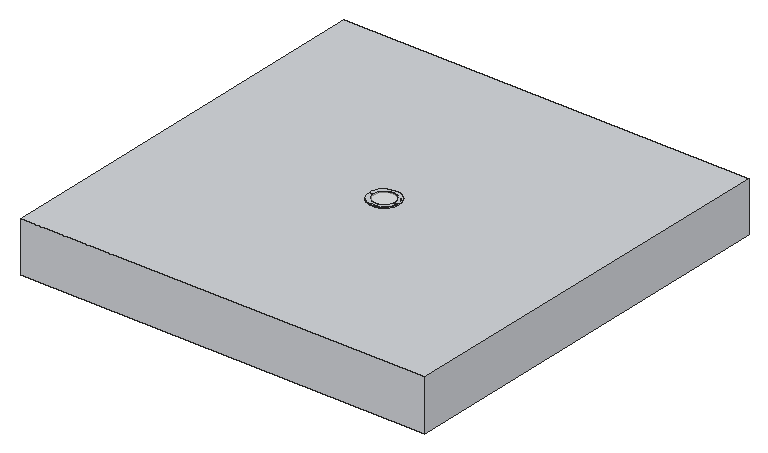
Revit family "ZEPHYR ROND", category Luminaires, Revit 2021
Family settings
  Hôte = Face
  Cote de connecteur circulaire = Utiliser le diamètre
  Type d'élément = Normal
  Numéro OmniClass = 23.80.70.11.14.11
  Titre OmniClass = Downlights
  Couper avec des vides une fois chargée = Oui
  Source d'éclairage = Oui
  Partagée = Oui
  Point de calcul de pièce = Oui
Parameters (values of type "791900")
  Épaisseur collerette = 2 mm
  Épaisseur = 10 mm
  URL = "https://www.resistex-sa.com/fr/zephyr-rd-848lm-bl-3000k-123.html"
  Tension = 230 V  # constant formula
  built-in parameter 1150107 = 3000 (stored number, unit not read)
  Rayon corps = 79.7 mm
  Rayon collerette = 90 mm
  Wattage = 13.5 W
  built-in parameter 1150110 = 1 (stored number, unit not read)
  built-in parameter 1150109 = 1 (stored number, unit not read)
  built-in parameter 1114218 = 1 (stored number, unit not read)
  built-in parameter 1150113 = 1 (stored number, unit not read)
  built-in parameter 1150112 = 1 (stored number, unit not read)
  Nombre pôles = 1  # constant formula
  built-in parameter 1150137 = (empty or 0)
  built-in parameter 1150132 = (empty or 0)
  Modèle = "Zephyr"  # constant formula
  Matériau collerette = PC Transparent
  built-in parameter 1150105 = 67.466 (stored number, unit not read)
  built-in parameter 1150102 = (empty or 0)
  Indice de charge = Eclairage
  Image du type = <Aucun>
  IP = "40"  # constant formula
  IK = "08"  # constant formula
  Gradation des changements de température de couleur de lampe = <Aucun>
  Garantie = "5 ans"  # constant formula
  Lumens = 847.8 lm
  Color Filter = 16777215
  Fichier de distribution photométrique = "791900.ies"
  built-in parameter 1114217 = 1 (stored number, unit not read)
  built-in parameter 1150139 = (empty or 0)
  Fabricant = "Résistex"  # constant formula
  Emit from Circle Diameter = 609.6 mm
  Emit Shape Visible in Rendering = no
  Default Elevation = 0 mm
  built-in parameter 1150104 = 5.8343 (stored number, unit not read)
  built-in parameter 1150106 = 0.67466 (stored number, unit not read)
  built-in parameter 1150115 = 1 (stored number, unit not read)
  built-in parameter 1150114 = 1 (stored number, unit not read)
  Diamètre intérieur = 130 mm
  Description = "Downlight équipé d'un module LED SMD, efficacité lumineuse de 62.8lm/W"
  Coût = 42.5
  built-in parameter 1150138 = (empty or 0)
  built-in parameter 1150134 = (empty or 0)
  Commentaires relatifs à la puissance = "13.5W"
  Apparent Load = 14.52 VA
  Tilt Angle = 60.00°
  built-in parameter 1150133 = 10 (stored number, unit not read)
Types (5, lengths in mm): name | URL | built-in parameter 1150107 | Rayon corps | Rayon collerette | Wattage | built-in parameter 1150105 | Lumens | Fichier de distribution photométrique | built-in parameter 1150104 | built-in parameter 1150106 | Diamètre intérieur | Description | Coût | built-in parameter 1150134 | Commentaires relatifs à la puissance | Apparent Load
  (no name) | "https://www.resistex-sa.com/fr/zephyr-rd-848lm-bl-3000k-123.html" | 3000 (stored number, unit not read) | 79.7 | 90 | 13.5 W | 67.466 (stored number, unit not read) | 847.8 lm | "791900.ies" | 5.8343 (stored number, unit not read) | 0.67466 (stored number, unit not read) | 130 | "Downlight équipé d'un module LED SMD, efficacité lumineuse de 62.8lm/W" | 42.5 | (empty or 0) | "13.5W" | 14.52 VA
  791900 | "https://www.resistex-sa.com/fr/zephyr-rd-848lm-bl-3000k-123.html" | 3000 (stored number, unit not read) | 79.7 | 90 | 13.5 W | 67.466 (stored number, unit not read) | 847.8 lm | "791900.ies" | 5.8343 (stored number, unit not read) | 0.67466 (stored number, unit not read) | 130 | "Downlight équipé d'un module LED SMD, efficacité lumineuse de 62.8lm/W" | 42.5 | (empty or 0) | "13.5W" | 14.52 VA
  791901 | "https://www.resistex-sa.com/fr/zephyr-rd-908lm-bl-4000k-124.html" | 4000 (stored number, unit not read) | 79.7 | 90 | 13.5 W | 71.978 (stored number, unit not read) | 904.5 lm | "791901.ies" | 6.2245 (stored number, unit not read) | 0.71978 (stored number, unit not read) | 130 | "Downlight équipé d'un module LED SMD, efficacité lumineuse de 67lm/W" | 42.5 | 12 | "13.5W" | 14.52 VA
  791902 | "https://www.resistex-sa.com/fr/zephyr-rd-1422lm-bl-3000k-125.html" | 3000 (stored number, unit not read) | 106.3 | 120 | 18.8 W | 113.1 (stored number, unit not read) | 1421.28 lm | "791902.ies" | 7.0235 (stored number, unit not read) | 1.131 (stored number, unit not read) | 173.3 | "Downlight équipé d'un module LED SMD, efficacité lumineuse de 75.6lm/W" | 52.5 | (empty or 0) | "18.8W" | 19.58 VA
  791903 | "https://www.resistex-sa.com/fr/zephyr-rd-1519lm-bl-4000k-126.html" | 4000 (stored number, unit not read) | 106.3 | 120 | 18.8 W | 120.88 (stored number, unit not read) | 1519.04 lm | "791903.ies" | 7.5066 (stored number, unit not read) | 1.2088 (stored number, unit not read) | 173.3 | "Downlight équipé d'un module LED SMD, efficacité lumineuse de 80.8lm/W" | 52.5 | 12 | "18.8W" | 19.58 VA
Reference planes
  plane 1 "Centre (avant/arrière)": y = 0
  plane 2: z = 0
  plane 3 "Centre (gauche/droite)": x = 0
  plane 4 "Face collerette": z = 2
Forms (mm)
  Extrusion 1, solid
    sketch origin (0, 0, 0) x (1, 0, 0) y (0, 1, 0)
      loop
        line (-1219.2, 1219.2) -> (-1219.2, -1219.2) -> (1219.2, -1219.2) -> (1219.2, 1219.2) -> (-1219.2, 1219.2)
    from 0 to -304.8
  Revolve 2, solid
    sketch origin (0, 0, 0) x (1, 0, 0) y (0, 0, 1)
      loop
        line (0, 2) -> (-90, 2) -> (-90, 0) -> (-79.7, 0) -> (-79.7, -10) -> (0, -10) -> (0, 2)
      axis (0, 2) -> (0, -10)
    angle from 0 to 360
  Extrusion 3, void
    sketch origin (0, 0, 0) x (1, 0, 0) y (0, 1, 0)
      loop
        circle (0, 0) r 65
    from 0 to 3
  Extrusion 4, solid, material "PC Transparent" <- "Matériau collerette"
    sketch origin (0, 0, 0) x (1, 0, 0) y (0, 1, 0)
      loop
        circle (0, 0) r 65
    from 0 to 1
Cuts and joins
  Extrusion 3 cuts Revolve 2
Dimensions and locks
  "Rayon collerette": Revolve 2 sketch curve to imposter light
  "Rayon corps": Revolve 2 sketch curve to imposter light
  "Épaisseur collerette": Revolve 2 sketch curve to Extrusion 1
  "Épaisseur": Extrusion 1 to Revolve 2 sketch curve
  "Épaisseur collerette": plane 4 "Face collerette" to Extrusion 1
  "Diamètre intérieur": diameter of Extrusion 3 sketch curve
  "Diamètre intérieur": diameter of Extrusion 4 sketch curve
  aligned and locked: plane 2 to Extrusion 1
  aligned and locked: level to Extrusion 1
  aligned and locked: imposter light to Extrusion 3 sketch curve  (x2)
  aligned and locked: imposter light to Extrusion 4 sketch curve  (x2)
Automatic sketch dimensions
  Extrusion 1 sketch curve to Extrusion 1 sketch curve = 2438.4 mm  (x2)
  Revolve 2 sketch curve to plane 3 "Centre (gauche/droite)" = 0 mm  (x2)
  Revolve 2 sketch curve to level = 0 mm
  Revolve 2 sketch curve to Revolve 2 sketch curve = 18 mm
  Revolve 2 sketch curve to Revolve 2 sketch curve = 60 mm
Connectors
  electrical at (0, 0, 0), driven by "Nombre pôles", driven by "Tension", driven by "Indice de charge", driven by "Apparent Load"
    settings: on cut or joined group of Revolve 2, Extrusion 3, index 1, voltage 230 V, apparent load 0 VA, apparent load phase1 14.52 VA, apparent load phase2 0 VA, apparent load phase3 0 VA, power factor 1, load classification "Eclairage", number of poles 1, system type 31, power factor state 1, is connector primary yes, connector utility no, sub classification motor no, connector description ""
